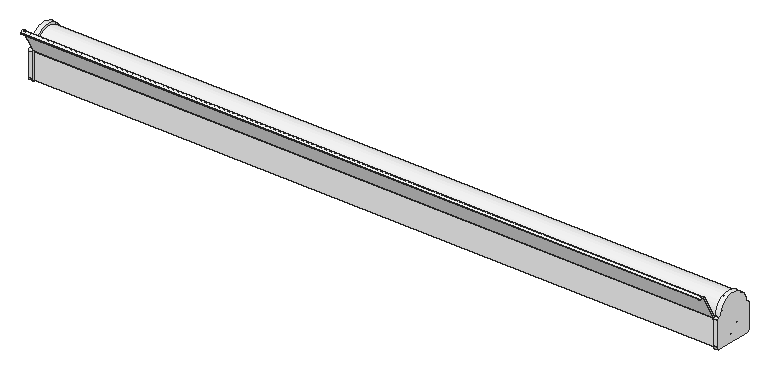
Revit family "0045190+0045234 Feilo Sylvania Lighting Fixture SYLBATTEN LED3 NW DALI TP5 with ASYMMETRIC REFLECTOR ACCESSORY 1200MM", category Lighting Fixtures, host Face, Revit 2017
Family settings
  Host = Face
  Round Connector Dimension = Use Diameter
  Part Type = Normal
  OmniClass Number = 23.80.70.00
  OmniClass Title = Lighting
  Cut with Voids When Loaded = No
  Light Source = Yes
  Shared = No
  Room Calculation Point = No
Parameters (values of type "0045190 SYLBATTEN LED3 NW DALI TP5")
  Width_FEILO = 66 mm
  Weight = "2.544 kg"
  Wattage Comments = "n/a"
  Wattage = 26 W
  WarrantyStartDate [instance] = "n/a"
  WarrantyGuarantorParts = "n/a"
  WarrantyDurationUnit = "n/a"
  WarrantyDurationParts = "n/a"
  WarrantyDescription = "n/a"
  built-in parameter 1150110 = 1 (stored number, unit not read)
  Voltage = 230 V
  URL = "http://www.sylvania-lighting.com"
  TypeName = "SYLBATTEN LED3 NW DALI TP5"
  Type Image = <None>
  Type Comments = "n/a"
  built-in parameter 1114217 = 1 (stored number, unit not read)
  Tilt Angle = -90.00°
  built-in parameter 1150109 = 1 (stored number, unit not read)
  built-in parameter 1150134 = 12
  SymReflector_FEILO = no
  built-in parameter 1150113 = 1 (stored number, unit not read)
  SerialNumber [instance] = "n/a"
  PowerFactor = 0
  PowerConsumption = "26 W"
  Photometric Web File = "0045190+0045234.ies"
  NominalLength = 1205 mm
  NominalHeight = 76 mm
  NominalDepth = 66 mm
  Name = "SYLBATTEN LED3 NW DALI TP5"
  ModelReference = Name  # "SYLBATTEN LED3 NW DALI TP5"
  ModelNumber = "0045190"
  Model = Name  # "SYLBATTEN LED3 NW DALI TP5"
  Material_4_FEILO = Reflector-Sylvania-Sylbatten-White
  Material_3_FEILO = Diffuser-Sylvania-Sylbatten-Glow
  Material_2_FEILO = Body-Sylvania-Sylbatten-White
  Material_1_FEILO = Body-Sylvania-Sylbatten-White
  Material = "sheet steel housing, polycarbonate diffuser"
  ManufacturerName = "Feilo Sylvania"
  Manufacturer = "Feilo Sylvania"
  LuminousEfficacy = "108.1 lm/W"
  built-in parameter 1150105 = 223.76 (stored number, unit not read)
  Lumens = 2811.9 lm
  LuminaireType = ""
  built-in parameter 1150115 = 1 (stored number, unit not read)
  LightOutputRatio = "100"
  built-in parameter 1150137 = (empty or 0)
  built-in parameter 1150139 = (empty or 0)
  Length_FEILO = 1205 mm
  LampsType = Lamp  # "LED"
  LampNominalLuminous = "2812 lm"
  LampMacAdamStep = "n/a"
  LampColourTemperature = "4000 K"
  LampColourRenderingIndex = "80"
  built-in parameter 1150112 = 1 (stored number, unit not read)
  built-in parameter 1150114 = 1 (stored number, unit not read)
  Lamp = "LED"
  Keynote = "16500"
  InstallationDate [instance] = "n/a"
  InputVoltage = "220-240V~"
  InputNominalFrequency = "n/a"
  built-in parameter 1150132 = (empty or 0)
  built-in parameter 1150102 = (empty or 0)
  built-in parameter 1150107 = 4000 (stored number, unit not read)
  built-in parameter 1150138 = (empty or 0)
  IngressProtection = "IP20"
  ImpactProtectionIndex = "IK07"
  built-in parameter 1150106 = 2.2376 (stored number, unit not read)
  IfcExportType = "IfcLightFixtureType"
  IfcExportAs = "IfcLightFixtureType"
  Height_FEILO = 76 mm
  ExpectedLife = 50000
  Emit from Rectangle Width = Length_FEILO - 16 mm  # 1189 mm
  Emit from Rectangle Length = Width_FEILO - 40 mm  # 26 mm
  Emit Shape Visible in Rendering = no
  ElectricShockClassification = "Class I"
  built-in parameter 1150104 = 10.047 (stored number, unit not read)
  DurationUnit = "hours"
  DocumentationLiterature = "http://www.sylvania-lighting.com/product/en-int/products/0045190"
  DimmingControlOptions = "Dimmable"
  Dimming Lamp Color Temperature Shift = <None>
  Description = "LED batten, T8 replacement, ease of installation through 2 part push-in design of the housing (safety cable included), through wiring capability (TP5 = 5 core), sheet steel, 2812LM, 26W, 108lm/W, 4000K, drive current: 350mA, CRI 80, 138° wide beam angle, DALI dimmable, IP20, IK07, 50,000 hrs (L70), (LxWxH) 1205x66x76mm, 5 step MacAdam ellipse, 3kg, white RAL 9016, Class 1, 220-240V, energy class: A++, A+, A."
  Default Elevation = 1219.2 mm
  CreatedOn = "2/22/2018"
  CreatedBy = ""
  Cost = 0
  Color Filter = 16777215
  built-in parameter 1114216 [instance] = (empty or 0)
  ClassificationValue = "EF_70_80"
  ClassificationName = "Uniclass2015"
  CapOffset_FEILO = 2 mm
  BarCode [instance] = "n/a"
  built-in parameter 1114218 = 1 (stored number, unit not read)
  BackReflector_FEILO = and(not(AsymReflector_FEILO), SymReflector_FEILO)  # no
  built-in parameter 1150133 = 10 (stored number, unit not read)
  FrontReflector_FEILO = or(AsymReflector_FEILO, SymReflector_FEILO)  # yes
  AsymReflector_FEILO = yes
  AssetType = "Fixed"
  AssetIdentifier [instance] = "n/a"
  Assembly Code = "D5020200"
  Apparent Load = 26 VA
Reference planes
  plane 1 "Center (Front/Back)": y = 0
  plane 2: z = 0
  plane 3 "Center (Left/Right)": x = 0
  plane 4: x = 602.5
  plane 5: x = -602.5
  plane 6: y = 33
  plane 7: y = -33
  plane 8: z = 76
  plane 9: z = 47
  plane 10: y = -29
  plane 11: y = 29
  plane 12: z = 20
  plane 13: z = 74
  plane 14: y = -31
  plane 15: y = -27
  plane 16: y = 27
  plane 17: y = 31
  plane 18: z = 2
  plane 19: x = -594.5
  plane 20: x = 594.5
  plane 21: z = 49
  plane 22: y = 1
  plane 23: y = -1
  plane 24: z = 21
  plane 25: z = 19
  plane 26: y = -61
  plane 27: y = 61
  plane 28: y = -56
  plane 29: y = 56
  plane 30: z = 91
  plane 31: z = 88
Forms (mm)
  Extrusion 1, solid, material "Body-Sylvania-Sylbatten-White" <- "Material_2_FEILO"
    sketch origin (0, 0, 0) x (0, 1, 0) y (0, 0, 1)
      loop
        line (-31, 2) -> (31, 2) -> (31, 45)
        arc (31, 45) -> (30.414, 46.414) -> (29, 47) r 2
        line (29, 47) -> (27, 47)
        arc (27, 47) -> (0, 74) -> (-27, 47) r 27
        line (-27, 47) -> (-29, 47)
        arc (-29, 47) -> (-30.414, 46.414) -> (-31, 45) r 2
        line (-31, 45) -> (-31, 2)
    from -594.5 to 594.5
  Extrusion 2, solid, material "Body-Sylvania-Sylbatten-White" <- "Material_2_FEILO"
    sketch origin (602.5, 1524, 1219.2) x (0, 1, 0) y (0, 0, 1)
      loop
        arc (-1494, -1219.2) -> (-1491.879, -1218.321) -> (-1491, -1216.2) r 3
        line (-1491, -1216.2) -> (-1491, -1173.2)
        arc (-1491, -1173.2) -> (-1491.879, -1171.079) -> (-1494, -1170.2) r 3
        line (-1494, -1170.2) -> (-1495.069, -1170.2)
        arc (-1495.069, -1170.2) -> (-1524, -1143.2) -> (-1552.931, -1170.2) r 29
        line (-1552.931, -1170.2) -> (-1554, -1170.2)
        arc (-1554, -1170.2) -> (-1556.121, -1171.079) -> (-1557, -1173.2) r 3
        line (-1557, -1173.2) -> (-1557, -1216.2)
        arc (-1557, -1216.2) -> (-1556.121, -1218.321) -> (-1554, -1219.2) r 3
        line (-1554, -1219.2) -> (-1494, -1219.2)
      loop
        arc (-1525, -1189.25) -> (-1531.071, -1192.129) -> (-1533.95, -1198.2) r 10
        line (-1533.95, -1198.2) -> (-1532.944, -1198.2)
        arc (-1532.944, -1198.2) -> (-1530.364, -1192.836) -> (-1525, -1190.256) r 9
        line (-1525, -1190.256) -> (-1525, -1189.25)
      loop
        arc (-1523, -1190.256) -> (-1517.636, -1192.836) -> (-1515.056, -1198.2) r 9
        line (-1515.056, -1198.2) -> (-1514.05, -1198.2)
        arc (-1514.05, -1198.2) -> (-1516.929, -1192.129) -> (-1523, -1189.25) r 10
        line (-1523, -1189.25) -> (-1523, -1190.256)
      loop
        line (-1532.944, -1200.2) -> (-1533.95, -1200.2)
        arc (-1533.95, -1200.2) -> (-1531.071, -1206.271) -> (-1525, -1209.15) r 10
        line (-1525, -1209.15) -> (-1525, -1208.144)
        arc (-1525, -1208.144) -> (-1530.364, -1205.564) -> (-1532.944, -1200.2) r 9
      loop
        arc (-1515.056, -1200.2) -> (-1517.636, -1205.564) -> (-1523, -1208.144) r 9
        line (-1523, -1208.144) -> (-1523, -1209.15)
        arc (-1523, -1209.15) -> (-1516.929, -1206.271) -> (-1514.05, -1200.2) r 10
        line (-1514.05, -1200.2) -> (-1515.056, -1200.2)
    from 0 to -8
  Extrusion 3, solid, material "Body-Sylvania-Sylbatten-White" <- "Material_2_FEILO"
    sketch origin (-602.5, 1524, 1219.2) x (0, 1, 0) y (0, 0, 1)
      loop
        arc (-1495.069, -1170.2) -> (-1524, -1143.2) -> (-1552.931, -1170.2) r 29
        line (-1552.931, -1170.2) -> (-1554, -1170.2)
        arc (-1554, -1170.2) -> (-1556.121, -1171.079) -> (-1557, -1173.2) r 3
        line (-1557, -1173.2) -> (-1557, -1216.2)
        arc (-1557, -1216.2) -> (-1556.121, -1218.321) -> (-1554, -1219.2) r 3
        line (-1554, -1219.2) -> (-1494, -1219.2)
        arc (-1494, -1219.2) -> (-1491.879, -1218.321) -> (-1491, -1216.2) r 3
        line (-1491, -1216.2) -> (-1491, -1173.2)
        arc (-1491, -1173.2) -> (-1491.879, -1171.079) -> (-1494, -1170.2) r 3
        line (-1494, -1170.2) -> (-1495.069, -1170.2)
      loop
        line (-1533.95, -1198.2) -> (-1532.944, -1198.2)
        arc (-1532.944, -1198.2) -> (-1530.364, -1192.836) -> (-1525, -1190.256) r 9
        line (-1525, -1190.256) -> (-1525, -1189.25)
        arc (-1525, -1189.25) -> (-1531.071, -1192.129) -> (-1533.95, -1198.2) r 10
      loop
        line (-1523, -1189.25) -> (-1523, -1190.256)
        arc (-1523, -1190.256) -> (-1517.636, -1192.836) -> (-1515.056, -1198.2) r 9
        line (-1515.056, -1198.2) -> (-1514.05, -1198.2)
        arc (-1514.05, -1198.2) -> (-1516.929, -1192.129) -> (-1523, -1189.25) r 10
      loop
        line (-1514.05, -1200.2) -> (-1515.056, -1200.2)
        arc (-1515.056, -1200.2) -> (-1517.636, -1205.564) -> (-1523, -1208.144) r 9
        line (-1523, -1208.144) -> (-1523, -1209.15)
        arc (-1523, -1209.15) -> (-1516.929, -1206.271) -> (-1514.05, -1200.2) r 10
      loop
        line (-1525, -1209.15) -> (-1525, -1208.144)
        arc (-1525, -1208.144) -> (-1530.364, -1205.564) -> (-1532.944, -1200.2) r 9
        line (-1532.944, -1200.2) -> (-1533.95, -1200.2)
        arc (-1533.95, -1200.2) -> (-1531.071, -1206.271) -> (-1525, -1209.15) r 10
    from 0 to 8
  Extrusion 4, solid, material "Reflector-Sylvania-Sylbatten-White" <- "Material_4_FEILO", visible <- "FrontReflector_FEILO"
    sketch origin (0, 0, 0) x (0, 1, 0) y (0, 0, 1)
      loop
        line (-61.257, 88.429) -> (-60.743, 87.571) -> (-56.621, 90.044)
        arc (-56.621, 90.044) -> (-56.237, 90.099) -> (-55.929, 89.863) r 0.5
        line (-55.929, 89.863) -> (-31.435, 46.753) -> (-30.565, 47.247) -> (-55.312, 90.802)
        arc (-55.312, 90.802) -> (-55.928, 91.275) -> (-56.696, 91.165) r 1
        line (-56.696, 91.165) -> (-61.257, 88.429)
    from -594.5 to 594.5
  Extrusion 5, solid, material "Reflector-Sylvania-Sylbatten-White" <- "Material_4_FEILO", visible <- "BackReflector_FEILO"
    sketch origin (0, 0, 0) x (0, 1, 0) y (0, 0, 1)
      loop
        line (30.565, 47.247) -> (31.435, 46.753) -> (55.932, 89.868)
        arc (55.932, 89.868) -> (56.245, 90.112) -> (56.638, 90.062) r 0.518
        line (56.638, 90.062) -> (61.033, 87.565) -> (61.527, 88.435) -> (56.682, 91.188)
        arc (56.682, 91.188) -> (55.922, 91.282) -> (55.318, 90.812) r 1
        line (55.318, 90.812) -> (30.565, 47.247)
    from -594.5 to 594.5
Lines and regions (mm)
  reference lines
    curve 1: line (0, -61, 88) -> (0, -56, 91)
    curve 2: line (0, -56, 91) -> (0, -31, 47)
    curve 3: line (0, 31, 47) -> (0, 56, 91)
    curve 4: line (0, 56, 91) -> (0, 61.28, 88)
Dimensions and locks
  equal spacing: plane 5, plane 3 "Center (Left/Right)", plane 4
  equal spacing: plane 7, plane 1 "Center (Front/Back)", plane 6
  "Width_FEILO": plane 7 to plane 6
  "Length_FEILO": plane 5 to plane 4
  "Height_FEILO": plane 8 to plane 2
  locked: plane 9 to plane 8 at 29
  equal spacing: plane 10, plane 1 "Center (Front/Back)", plane 11
  locked: plane 7 to plane 10 at 4
  locked: plane 12 to plane 2 at 20
  "CapOffset_FEILO": plane 13 to plane 8
  "CapOffset_FEILO": plane 7 to plane 14
  "CapOffset_FEILO": plane 10 to plane 15
  "CapOffset_FEILO": plane 17 to plane 6
  "CapOffset_FEILO": plane 16 to plane 11
  "CapOffset_FEILO": plane 18 to plane 2
  locked: plane 14 to Extrusion 1 sketch curve at 2
  locked: Extrusion 1 sketch curve to plane 9 at 2  (x2)
  locked: plane 16 to Extrusion 1 sketch curve at 2
  equal spacing: plane 19, plane 3 "Center (Left/Right)", plane 20
  locked: plane 5 to plane 19 at 8
  "CapOffset_FEILO": plane 9 to plane 21
  locked: Extrusion 2 sketch curve to plane 2 at 47
  locked: Extrusion 1 sketch curve to plane 2 at 47
  locked: Extrusion 2 sketch curve to plane 2 at 3  (x2)
  locked: plane 7 to Extrusion 2 sketch curve at 3  (x2)
  locked: Extrusion 2 sketch curve to plane 6 at 3  (x2)
  locked: Extrusion 2 sketch curve to plane 21 at 3  (x2)
  equal spacing: plane 23, plane 1 "Center (Front/Back)", plane 22
  equal spacing: plane 25, plane 12, plane 24
  plane 30 to plane 31 to plane 2 = 3 mm locked, 88 mm locked
  plane 28 to plane 29 = 112 mm
  plane 26 to plane 27 = 122 mm
  aligned and locked: plane 2 to host face
  aligned and locked: level to host face
  aligned and locked: plane 18 to Extrusion 1 sketch curve
  aligned and locked: plane 14 to Extrusion 1 sketch curve
  aligned and locked: Extrusion 1 sketch curve to plane 9  (x2)
  aligned and locked: Extrusion 1 sketch curve to plane 17
  aligned and locked: plane 15 to Extrusion 1 sketch curve
  aligned and locked: plane 16 to Extrusion 1 sketch curve
  aligned and locked: plane 9 to Extrusion 1 sketch curve
  aligned and locked: plane 20 to Extrusion 1
  aligned and locked: level to Extrusion 2 sketch curve
  aligned and locked: Extrusion 2 sketch curve to plane 7
  aligned and locked: plane 21 to Extrusion 2 sketch curve
  aligned and locked: Extrusion 2 sketch curve to plane 21
  aligned and locked: plane 1 "Center (Front/Back)" to Extrusion 2 sketch curve  (x3)
  aligned and locked: Extrusion 2 to Extrusion 1
  aligned and locked: plane 4 to Extrusion 2
  aligned and locked: plane 12 to Extrusion 2 sketch curve  (x2)
  aligned and locked: Extrusion 2 sketch curve to plane 22
  aligned and locked: Extrusion 2 sketch curve to plane 23
  aligned and locked: Extrusion 2 sketch curve to plane 24
  aligned and locked: Extrusion 2 sketch curve to plane 25
  aligned and locked: plane 25 to Extrusion 2 sketch curve
  aligned and locked: plane 22 to Extrusion 2 sketch curve
  aligned and locked: plane 24 to Extrusion 2 sketch curve
  aligned and locked: plane 23 to Extrusion 2 sketch curve  (x2)
  aligned and locked: Extrusion 3 sketch curve to Extrusion 2  (x22)
  aligned and locked: Extrusion 3 to Extrusion 1
  aligned and locked: Extrusion 3 to plane 5
  aligned and locked: plane 19 to Extrusion 3
  aligned and locked: plane 31 to curve 1
  aligned and locked: plane 30 to curve 1
  aligned and locked: plane 14 to curve 2
  aligned and locked: plane 9 to curve 2
  aligned and locked: plane 17 to curve 3
  aligned and locked: plane 30 to curve 3
  aligned and locked: plane 31 to curve 4
  aligned and locked: Extrusion 4 sketch curve to curve 2
  aligned and locked: Extrusion 4 sketch curve to curve 1
  aligned and locked: Extrusion 4 to Extrusion 1
  aligned and locked: Extrusion 1 to Extrusion 4
  aligned and locked: imposter light to plane 1 "Center (Front/Back)"
  aligned and locked: imposter light to plane 3 "Center (Left/Right)"
  aligned and locked: imposter light to plane 13
  aligned and locked: Extrusion 5 sketch curve to curve 4
  aligned and locked: Extrusion 5 sketch curve to curve 3
  aligned and locked: Extrusion 1 to Extrusion 5
  aligned and locked: Extrusion 5 to Extrusion 1
Automatic sketch dimensions
  host sketch curve to host sketch curve = 2438.4 mm  (x2)
  Extrusion 2 sketch curve to Extrusion 2 sketch curve = 0 mm  (x14)
  Extrusion 2 sketch curve to plane 10 = 0.069 mm
  plane 23 to Extrusion 2 sketch curve = 8.95 mm
  Extrusion 2 sketch curve to Extrusion 2 sketch curve = 1.006 mm  (x4)
  Extrusion 2 sketch curve to plane 22 = 7.944 mm
  curve 1 to plane 26 = 0 mm
  curve 2 to plane 28 = 0 mm
  curve 4 to plane 29 = 0 mm
  plane 9 to curve 3 = 0 mm
  plane 26 to Extrusion 4 sketch curve = 0.257 mm
  Extrusion 4 sketch curve to plane 26 = 0.257 mm
  Extrusion 4 sketch curve to plane 30 = 0.165 mm
  plane 28 to Extrusion 4 sketch curve = 0.696 mm
  plane 28 to Extrusion 4 sketch curve = 0.621 mm
  plane 28 to Extrusion 4 sketch curve = 0.364 mm
  plane 28 to Extrusion 4 sketch curve = 0.182 mm
  Extrusion 4 sketch curve to plane 28 = 0.071 mm
  plane 30 to Extrusion 4 sketch curve = 0.198 mm
  Extrusion 4 sketch curve to plane 28 = 0.688 mm
  plane 9 to Extrusion 4 sketch curve = 0.247 mm
  plane 1 "Center (Front/Back)" to Extrusion 4 sketch curve = 31.435 mm
  Extrusion 5 sketch curve to plane 9 = 0.247 mm
  Extrusion 5 sketch curve to plane 1 "Center (Front/Back)" = 30.565 mm
  plane 9 to Extrusion 5 sketch curve = 0.247 mm
  plane 30 to Extrusion 5 sketch curve = 0.188 mm
  plane 29 to Extrusion 5 sketch curve = 0.068 mm
  Extrusion 5 sketch curve to plane 29 = 0.188 mm
  Extrusion 5 sketch curve to plane 29 = 0.382 mm
  Extrusion 5 sketch curve to Extrusion 5 sketch curve = 0.256 mm
  Extrusion 5 sketch curve to plane 30 = 0.188 mm
  Extrusion 5 sketch curve to plane 29 = 0.682 mm
  Extrusion 5 sketch curve to plane 27 = 0.033 mm
  Extrusion 5 sketch curve to plane 27 = 0.527 mm
Connectors
  electrical at (0, 0, 0), driven by "Apparent Load", driven by "PowerFactor", driven by "Voltage"
    settings: index 1, voltage 230 V, apparent load 26 VA, apparent load phase1 0 VA, apparent load phase2 0 VA, apparent load phase3 0 VA, power factor 0, load classification "Lighting", number of poles 1, system type 30, power factor state 1, is connector primary yes, connector utility no, sub classification motor no, connector description ""
